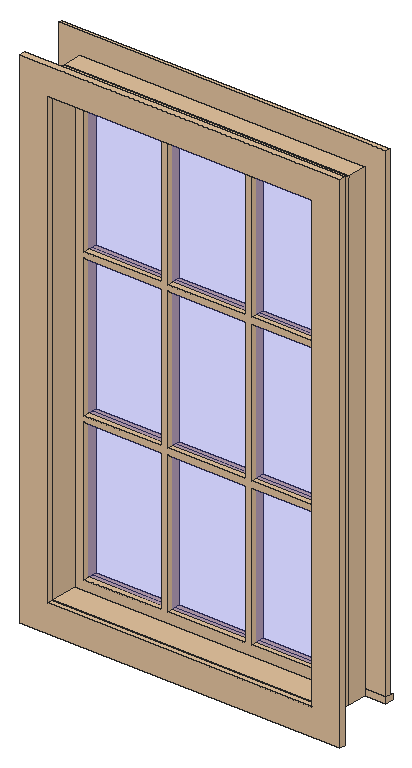
Revit family
Parameters (values of type "0915 x 1525mm")
  유리 창 재료 = 유리
  Height = 1525.00 mm
  섀시 = 섀시
  기본 씰 높이 = 610.00 mm
  자르기 외부 재료 = 자르기
  자르기 내부 재료 = 자르기
  자르기 투영 - 외부 = 13.00 mm
  자르기 투영 - 내부 = 19.00 mm
  자르기 폭 - 외부 = 89.00 mm
  자르기 폭 - 내부 = 89.00 mm
  Wall Closure = (empty or 0)
  Width = 915.00 mm
  창 인세트 = 19.00 mm
Types (4, lengths in mm): name | Height | 기본 씰 높이 | Width
  (no name) | 1525.00 | 610.00 | 915.00
  0915 x 1220mm | 1220.00 | 915.00 | 925.00
  0915 x 1525mm | 1525.00 | 610.00 | 915.00
  0915 x 1830mm | 1830.00 | 305.00 | 915.00
Reference planes
  plane 1: y = 0
  plane 2: z = 0
  plane 3 "중심": x = 0
  plane 4 "왼쪽": x = -457.5
  plane 5 "오른쪽": x = 457.5
  plane 6 "씰": z = 610
  plane 7 "상단": z = 2135
  plane 8: y = 76.2
  plane 9: y = -76.2
  plane 10: y = 57.2
  plane 11 "상단": z = 1372.5
  plane 12: x = -394
  plane 13: x = 394
  plane 14: x = -134.508
  plane 15: x = 134.508
  plane 16: z = 2071.5
  plane 17: z = 673.5
  plane 18: z = 1608.675
  plane 19: z = 1136.325
  plane 20: x = -425.75
  plane 21: x = -438.45
  plane 22: x = -514.75
  plane 23: x = -527.45
  plane 24: x = 425.75
  plane 25: x = 438.45
  plane 26: x = 514.75
  plane 27: x = 527.45
  plane 28: z = 2204.95
  plane 29: z = 2103.25
  plane 30: z = 2115.95
  plane 31: z = 2192.25
  plane 32: z = 641.75
  plane 33: z = 552.75
  plane 34: x = 403.525
  plane 35: x = -403.525
  plane 36: z = 2081.025
  plane 37: z = 663.975
  plane 38 "마무리": y = 28.625
Forms (mm)
  Extrusion 1, solid, material "자르기" <- "자르기 외부 재료"
    sketch origin (0, 0, 0) x (1, 0, 0) y (0, 0, 1)
      loop
        line (-457.5, 2135) -> (-457.5, 610) -> (457.5, 610) -> (457.5, 2135) -> (-457.5, 2135)
      loop
        line (-438.45, 2115.95) -> (-438.45, 629.05) -> (438.45, 629.05) -> (438.45, 2115.95) -> (-438.45, 2115.95)
    from -76.2 to -12.75
  Extrusion 2, solid, material "자르기" <- "자르기 내부 재료"
    sketch origin (0, 0, 0) x (-1, 0, 0) y (0, 0, 1)
      loop
        line (-457.5, 2135) -> (-457.5, 610) -> (457.5, 610) -> (457.5, 2135) -> (-457.5, 2135)
      loop
        line (-425.75, 2103.25) -> (-425.75, 641.75) -> (425.75, 641.75) -> (425.75, 2103.25) -> (-425.75, 2103.25)
    from 12.75 to -76.2
  Extrusion 3, solid, material "섀시" <- "섀시"
    sketch origin (0, 0, 0) x (-1, 0, 0) y (0, 0, 1)
      loop
        line (-438.45, 2115.95) -> (-438.45, 629.05) -> (438.45, 629.05) -> (438.45, 2115.95) -> (-438.45, 2115.95)
      loop
        line (394, 2071.5) -> (144.033, 2071.5) -> (144.033, 1618.2) -> (394, 1618.2) -> (394, 2071.5)
      loop
        line (394, 1599.15) -> (144.033, 1599.15) -> (144.033, 1145.85) -> (394, 1145.85) -> (394, 1599.15)
      loop
        line (394, 1126.8) -> (144.033, 1126.8) -> (144.033, 673.5) -> (394, 673.5) -> (394, 1126.8)
      loop
        line (124.983, 2071.5) -> (-124.983, 2071.5) -> (-124.983, 1618.2) -> (124.983, 1618.2) -> (124.983, 2071.5)
      loop
        line (124.983, 1599.15) -> (-124.983, 1599.15) -> (-124.983, 1145.85) -> (124.983, 1145.85) -> (124.983, 1599.15)
      loop
        line (124.983, 1126.8) -> (-124.983, 1126.8) -> (-124.983, 673.5) -> (124.983, 673.5) -> (124.983, 1126.8)
      loop
        line (-144.033, 2071.5) -> (-394, 2071.5) -> (-394, 1618.2) -> (-144.033, 1618.2) -> (-144.033, 2071.5)
      loop
        line (-144.033, 1599.15) -> (-394, 1599.15) -> (-394, 1145.85) -> (-144.033, 1145.85) -> (-144.033, 1599.15)
      loop
        line (-144.033, 1126.8) -> (-394, 1126.8) -> (-394, 673.5) -> (-144.033, 673.5) -> (-144.033, 1126.8)
    from 12.75 to 57.2
  Extrusion 4, solid, material "자르기" <- "자르기 내부 재료"
    sketch origin (0, 0, 0) x (1, 0, 0) y (0, 0, 1)
      loop
        line (-425.75, 2103.25) -> (-425.75, 641.75) -> (425.75, 641.75) -> (425.75, 2103.25) -> (-425.75, 2103.25)
      loop
        line (-514.75, 2192.25) -> (-514.75, 552.75) -> (514.75, 552.75) -> (514.75, 2192.25) -> (-514.75, 2192.25)
    from 76.2 to 95.2
  Extrusion 5, solid, material "유리" <- "유리 창 재료"
    sketch origin (0, 0, 0) x (-1, 0, 0) y (0, 0, 1)
      loop
        line (-394, 2071.5) -> (-394, 1618.2) -> (-144.033, 1618.2) -> (-144.033, 2071.5) -> (-394, 2071.5)
      loop
        line (-124.983, 2071.5) -> (-124.983, 1618.2) -> (124.983, 1618.2) -> (124.983, 2071.5) -> (-124.983, 2071.5)
      loop
        line (144.033, 2071.5) -> (144.033, 1618.2) -> (394, 1618.2) -> (394, 2071.5) -> (144.033, 2071.5)
      loop
        line (144.033, 1599.15) -> (144.033, 1145.85) -> (394, 1145.85) -> (394, 1599.15) -> (144.033, 1599.15)
      loop
        line (-124.983, 1599.15) -> (-124.983, 1145.85) -> (124.983, 1145.85) -> (124.983, 1599.15) -> (-124.983, 1599.15)
      loop
        line (-394, 1599.15) -> (-394, 1145.85) -> (-144.033, 1145.85) -> (-144.033, 1599.15) -> (-394, 1599.15)
      loop
        line (-394, 1126.8) -> (-394, 673.5) -> (-144.033, 673.5) -> (-144.033, 1126.8) -> (-394, 1126.8)
      loop
        line (-124.983, 1126.8) -> (-124.983, 673.5) -> (124.983, 673.5) -> (124.983, 1126.8) -> (-124.983, 1126.8)
      loop
        line (144.033, 1126.8) -> (144.033, 673.5) -> (394, 673.5) -> (394, 1126.8) -> (144.033, 1126.8)
    from 28.625 to 41.325
  Extrusion 6, solid, material "자르기" <- "자르기 외부 재료"
    sketch origin (0, 0, 0) x (-1, 0, 0) y (0, 0, 1)
      loop
        line (-438.45, 2115.95) -> (438.45, 2115.95) -> (438.45, 629.05) -> (527.45, 629.05) -> (527.45, 2204.95) -> (-527.45, 2204.95) -> (-527.45, 629.05) -> (-438.45, 629.05) -> (-438.45, 2115.95)
    from 76.2 to 89.2
  Extrusion 7, solid, material "자르기" <- "자르기 외부 재료"
    sketch origin (0, 0, 0) x (-1, 0, 0) y (0, 0, 1)
      loop
        line (-527.45, 629.05) -> (-527.45, 610) -> (527.45, 610) -> (527.45, 629.05) -> (-527.45, 629.05)
    from 76.2 to 101.9
Lines and regions (mm)
  Opening 1
    outline origin (-1524, -76.2, 0) x (1, 0, 0) y (0, 0, 1)
      loop
        line (1066.5, 2135) -> (1066.5, 610) -> (1981.5, 610) -> (1981.5, 2135) -> (1066.5, 2135)
  symbolic lines, style "WindowsFrameMullionProjection"
    curve 1: line (-457.5, 76.2, 0) -> (-438.45, 76.2, 0)
    curve 2: line (-438.45, 12.75, 0) -> (-438.45, 76.2, 0)
    curve 3: line (-438.45, 12.75, 0) -> (-425.75, 12.75, 0)
    curve 4: line (-425.75, -76.2, 0) -> (-425.75, 12.75, 0)
    curve 5: line (457.5, 76.2, 0) -> (438.45, 76.2, 0)
    curve 6: line (425.75, 12.75, 0) -> (425.75, -76.2, 0)
    curve 7: line (425.75, 12.75, 0) -> (438.45, 12.75, 0)
    curve 8: line (438.45, 12.75, 0) -> (438.45, 76.2, 0)
    curve 9: line (-438.45, 57.2, 0) -> (-394, 57.2, 0)
    curve 10: line (-438.45, 57.2, 0) -> (-438.45, 12.75, 0)
    curve 11: line (-438.45, 12.75, 0) -> (-394, 12.75, 0)
    curve 12: line (-394, 57.2, 0) -> (-394, 12.75, 0)
    curve 13: line (438.45, 57.2, 0) -> (394, 57.2, 0)
    curve 14: line (438.45, 57.2, 0) -> (438.45, 12.75, 0)
    curve 15: line (438.45, 12.75, 0) -> (394, 12.75, 0)
    curve 16: line (394, 57.2, 0) -> (394, 12.75, 0)
    curve 22: line (-425.75, -76.2, 0) -> (-457.5, -76.2, 0)
    curve 23: line (425.75, -76.2, 0) -> (457.5, -76.2, 0)
  symbolic lines, style "WindowsGlassProjection"
    curve 17: line (-394, 34.975, 0) -> (394, 34.975, 0)
  symbolic lines, style "입면도 스윙"
    curve 18: line (394, 57.2, 1372.5) -> (-394, 57.2, 2071.5)
    curve 19: line (394, 57.2, 1372.5) -> (-394, 57.2, 673.5)
    curve 20: line (-394, 12.75, 673.5) -> (394, 12.75, 1372.5)
    curve 21: line (394, 12.75, 1372.5) -> (-394, 12.75, 2071.5)
Text (mm)
  text "외부" at (-1437.207, 772.553, 0), in view "바닥 선"
  text "내부" at (-1490.695, -350.7, 0), in view "바닥 선"
  text "외부" at (0, 1108.87, 3203.778), in view "왼쪽"
  text "외부" at (0, 464.664, 3176.206), in view "오른쪽"
Dimensions and locks
  equal spacing: plane 4 "왼쪽", plane 3 "중심", plane 5 "오른쪽"
  "Width": plane 4 "왼쪽" to plane 5 "오른쪽"
  plane 2 to plane 33 to plane 6 "씰" to plane 30 to plane 7 "상단" = 552.75 mm, 57.25 mm, 1505.95 mm, 19.05 mm
  "창 인세트": plane 8 to plane 10
  locked: plane 10 to Extrusion 3 at 44.45
  "자르기 투영 - 내부": Extrusion 4 to Extrusion 4
  equal spacing: plane 6 "씰", plane 11 "상단", plane 7 "상단"
  locked: plane 4 "왼쪽" to plane 12 at 63.5
  locked: plane 13 to plane 5 "오른쪽" at 63.5
  locked: plane 6 "씰" to plane 17 at 63.5
  locked: plane 16 to plane 7 "상단" at 63.5
  locked: Extrusion 3 to Extrusion 5 at 15.875
  locked: Extrusion 5 to Extrusion 5 at 12.7
  locked: Extrusion 7 to Extrusion 6 at 12.7
  "자르기 투영 - 외부": Extrusion 6 to Extrusion 6
  locked: plane 4 "왼쪽" to plane 21 at 19.05
  locked: plane 25 to plane 5 "오른쪽" at 19.05
  locked: plane 4 "왼쪽" to plane 20 at 31.75
  locked: plane 24 to plane 5 "오른쪽" at 31.75
  locked: plane 30 to plane 7 "상단" at 19.05
  "자르기 폭 - 외부": plane 30 to plane 28
  "자르기 폭 - 외부": plane 25 to plane 27
  "자르기 폭 - 외부": plane 23 to plane 21
  locked: plane 7 "상단" to plane 29 at 31.75
  "자르기 폭 - 내부": plane 31 to plane 29
  "자르기 폭 - 내부": plane 32 to plane 33
  locked: plane 32 to plane 6 "씰" at 31.75
  "자르기 폭 - 내부": plane 22 to plane 20
  "자르기 폭 - 내부": plane 24 to plane 26
  locked: plane 13 to plane 34 at 9.525
  locked: plane 35 to plane 12 at 9.525
  equal spacing: plane 35, plane 14, plane 15, plane 34
  locked: plane 16 to plane 36 at 9.525
  locked: plane 37 to plane 17 at 9.525
  equal spacing: plane 37, plane 19, plane 18, plane 36
  locked: Extrusion 7 sketch curve to Extrusion 7 sketch curve at 19.05
  "Height": plane 7 "상단" to plane 6 "씰"
  "기본 씰 높이": plane 6 "씰" to plane 2
  locked: plane 8 to plane 38 "마무리" at 47.575
  aligned and locked: plane 7 "상단" to Opening 1 sketch curve
  aligned and locked: plane 6 "씰" to Opening 1 sketch curve  (x2)
  aligned and locked: plane 5 "오른쪽" to Opening 1 sketch curve
  aligned and locked: plane 4 "왼쪽" to Opening 1 sketch curve
  aligned and locked: plane 9 to host wall
  aligned and locked: host wall to Extrusion 2
  aligned and locked: plane 10 to Extrusion 3
  aligned and locked: plane 8 to host wall
  aligned and locked: host wall to Extrusion 1
  aligned and locked: Extrusion 2 to Extrusion 1
  aligned and locked: Extrusion 1 to Extrusion 3
  aligned and locked: curve 5 to Extrusion 1  (x2)
  aligned and locked: curve 6 to Extrusion 2
  aligned and locked: curve 4 to Extrusion 2
  aligned and locked: Extrusion 1 to curve 11
  aligned and locked: Extrusion 1 to curve 7
  aligned and locked: Extrusion 4 sketch curve to Extrusion 2  (x4)
  aligned and locked: Extrusion 4 to host wall
  aligned and locked: curve 16 to Extrusion 3
  aligned and locked: Extrusion 5 sketch curve to Extrusion 3  (x24)
  aligned and locked: Extrusion 7 sketch curve to Extrusion 6  (x2)
  aligned and locked: Extrusion 6 to host wall
  aligned and locked: Extrusion 7 to host wall
Automatic sketch dimensions
  Extrusion 1 sketch curve to plane 4 "왼쪽" = 0.00 mm
  Extrusion 1 sketch curve to plane 5 "오른쪽" = 0.00 mm
  Extrusion 1 sketch curve to plane 4 "왼쪽" = 19.05 mm
  plane 5 "오른쪽" to Extrusion 1 sketch curve = 19.05 mm
  Extrusion 1 sketch curve to plane 6 "씰" = 0.00 mm
  Extrusion 1 sketch curve to plane 7 "상단" = 0.00 mm
  Extrusion 1 sketch curve to plane 6 "씰" = 19.05 mm
  plane 7 "상단" to Extrusion 1 sketch curve = 19.05 mm
  Extrusion 2 sketch curve to plane 5 "오른쪽" = 0.00 mm
  Extrusion 2 sketch curve to plane 4 "왼쪽" = 0.00 mm
  plane 5 "오른쪽" to Extrusion 2 sketch curve = 31.75 mm
  Extrusion 2 sketch curve to plane 4 "왼쪽" = 31.75 mm
  Extrusion 2 sketch curve to plane 6 "씰" = 0.00 mm
  Extrusion 2 sketch curve to plane 7 "상단" = 0.00 mm
  Extrusion 2 sketch curve to plane 6 "씰" = 31.75 mm
  plane 7 "상단" to Extrusion 2 sketch curve = 31.75 mm
  Extrusion 3 sketch curve to plane 13 = 0.00 mm  (x3)
  Extrusion 3 sketch curve to plane 17 = 0.00 mm  (x3)
  Extrusion 3 sketch curve to plane 16 = 0.00 mm  (x3)
  Extrusion 3 sketch curve to plane 12 = 0.00 mm  (x3)
  plane 5 "오른쪽" to Extrusion 3 sketch curve = 19.05 mm
  Extrusion 3 sketch curve to plane 15 = 9.525 mm  (x3)
  plane 15 to Extrusion 3 sketch curve = 9.525 mm  (x3)
  Extrusion 3 sketch curve to plane 14 = 9.525 mm  (x3)
  plane 14 to Extrusion 3 sketch curve = 9.525 mm  (x3)
  Extrusion 3 sketch curve to plane 4 "왼쪽" = 19.05 mm
  Extrusion 3 sketch curve to plane 6 "씰" = 19.05 mm
  plane 19 to Extrusion 3 sketch curve = 9.525 mm  (x3)
  Extrusion 3 sketch curve to plane 19 = 9.525 mm  (x3)
  plane 18 to Extrusion 3 sketch curve = 9.525 mm  (x3)
  Extrusion 3 sketch curve to plane 18 = 9.525 mm  (x3)
  plane 7 "상단" to Extrusion 3 sketch curve = 19.05 mm
  curve 19 to plane 11 "상단" = 0.00 mm
  curve 21 to plane 11 "상단" = 0.00 mm
  plane 7 "상단" to curve 21 = 63.50 mm
  curve 18 to curve 21 = 0.00 mm
  curve 20 to plane 6 "씰" = 63.50 mm
  curve 19 to curve 20 = 0.00 mm  (x2)
  curve 18 to plane 4 "왼쪽" = 63.50 mm
  curve 20 to plane 4 "왼쪽" = 63.50 mm
  curve 21 to curve 18 = 0.00 mm
  plane 5 "오른쪽" to curve 20 = 63.50 mm
  curve 19 to curve 21 = 0.00 mm
  plane 5 "오른쪽" to Extrusion 5 sketch curve = 63.50 mm  (x2)
  Extrusion 5 sketch curve to Extrusion 5 sketch curve = 0.00 mm  (x5)
  Extrusion 5 sketch curve to plane 4 "왼쪽" = 63.50 mm
  Extrusion 5 sketch curve to plane 6 "씰" = 63.50 mm  (x2)
  plane 7 "상단" to Extrusion 5 sketch curve = 63.50 mm  (x2)
  curve 22 to plane 4 "왼쪽" = 0.00 mm
  curve 1 to plane 4 "왼쪽" = 0.00 mm
  curve 2 to plane 8 = 0.00 mm
  curve 10 to plane 10 = 0.00 mm
  curve 13 to plane 10 = 0.00 mm
  curve 23 to plane 5 "오른쪽" = 0.00 mm
  curve 2 to plane 4 "왼쪽" = 19.05 mm
  curve 9 to curve 12 = 44.45 mm
  plane 5 "오른쪽" to curve 13 = 19.05 mm
  curve 23 to plane 9 = 0.00 mm
  curve 4 to plane 9 = 0.00 mm
  curve 11 to curve 17 = 22.225 mm
  Extrusion 7 sketch curve to plane 23 = 0.00 mm
  Extrusion 4 sketch curve to plane 22 = 0.00 mm
  Extrusion 4 sketch curve to plane 26 = 0.00 mm
  Extrusion 4 sketch curve to plane 33 = 0.00 mm
  Extrusion 4 sketch curve to plane 31 = 0.00 mm
  Extrusion 6 sketch curve to plane 27 = 0.00 mm
  Extrusion 6 sketch curve to plane 25 = 0.00 mm
  Extrusion 6 sketch curve to plane 21 = 0.00 mm
  Extrusion 6 sketch curve to plane 23 = 0.00 mm
  Extrusion 6 sketch curve to plane 30 = 0.00 mm
  Extrusion 6 sketch curve to plane 28 = 0.00 mm
  Extrusion 6 sketch curve to plane 6 "씰" = 19.05 mm  (x2)
